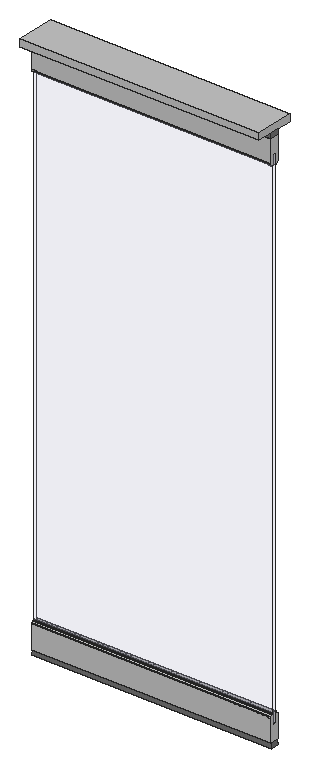
Revit family "Moderco_Vision_121_122_Full_Glass_Panel", category Doors, Revit 2026
Family settings
  Classification Number = 23.30.10.00
  Always vertical = Yes
  Cut with Voids When Loaded = No
  Shared = No
  Room Calculation Point = No
Parameters
  Thickness = 0' - 1 3/8"
  Specification = "https://www.arcat.com/company/moderco-inc-34266/spec"
  SpecWizard = ""
  Sales Information = "https://www.moderco.com/contact/"
  Product Data = "https://www.moderco.com/products/movable-glass-walls/vision-100/"
  Manufacturer Website = "https://www.moderco.com/"
  Manufacturer Phone - Toll Free = "800-363-3150"
  Manufacturer Phone = "450-641-3150"
  Manufacturer Fax = "450-641-4965"
  Manufacturer Email = "https://www.moderco.com/contact/"
  Manufacturer Address = "115 de Lauzon Boucherville, QC, Canada J4B 1E7"
  Installation-Fabrication = ""
  Green Building-LEED = ""
  Function = Interior
  Door Width [instance] = 3' - 0"
  Construction Details = "https://www.arcat.com/company/moderco-inc-34266/cad"
Reference planes (in)
  plane 1 "Center (Front/Back": y = 0
  plane 2: z = 0
  plane 3 "Center (Left/Right)": x = 3.24894
  plane 4 "Left": x = -14.75106
  plane 5 "Right": x = 21.24894
  plane 6 "Top": z = 84
  plane 7: z = 40
Forms (in)
  Sweep 1, solid, material "Aluminum"
    path origin (0, 0, 0) x (1, 0, 0) y (0, 1, 0)
      loop
        line (-14.75106, 0) -> (21.24894, 0)
    profile "Profile_Bottom : Profile_Bottom" origin (3.24894, 0, 0) x (0, 1, 0) y (0, 0, 1)
      loop
        line (0.68213, 0.73653) -> (0.68213, 4.15446)
        arc (0.68213, 4.15446) -> (0.66735, 4.21344) -> (0.62648, 4.25846) r 0.125
        line (0.62648, 4.25846) -> (0.37079, 4.42897)
        arc (0.37079, 4.42897) -> (0.31065, 4.48542) -> (0.27216, 4.55837) r 0.25
        arc (0.27216, 4.55837) -> (0.26034, 4.59675) -> (0.25013, 4.63558) r 0.96052
        line (0.25013, 4.63558) -> (0.25013, 3.07458) -> (-0.25013, 3.07464) -> (-0.25013, 4.63558)
        arc (-0.25013, 4.63558) -> (-0.26034, 4.59675) -> (-0.27216, 4.55837) r 0.96052
        arc (-0.27216, 4.55837) -> (-0.31065, 4.48542) -> (-0.37079, 4.42897) r 0.25
        line (-0.37079, 4.42897) -> (-0.62648, 4.25846)
        arc (-0.62648, 4.25846) -> (-0.66735, 4.21344) -> (-0.68213, 4.15446) r 0.125
        line (-0.68213, 4.15446) -> (-0.68213, 0.73653) -> (0.68213, 0.73653)
  Sweep 2, solid, material "Aluminum"
    path origin (0, 0, 0) x (1, 0, 0) y (0, 0, 1)
      loop
        line (-14.75106, 84) -> (21.24894, 84)
    profile "Profile_Top : Profile_Top" origin (3.24894, 0, 84) x (0, 0, 1) y (0, -1, 0)
      loop
        line (-1.73711, 0.68213) -> (-5.14175, 0.68213)
        arc (-5.14175, 0.68213) -> (-5.20073, 0.66735) -> (-5.24575, 0.62648) r 0.125
        line (-5.24575, 0.62648) -> (-5.41626, 0.37079)
        arc (-5.41626, 0.37079) -> (-5.47271, 0.31065) -> (-5.54566, 0.27216) r 0.25
        arc (-5.54566, 0.27216) -> (-5.58403, 0.26034) -> (-5.62287, 0.25013) r 0.96052
        line (-5.62287, 0.25013) -> (-4.06187, 0.25013) -> (-4.06187, -0.25013) -> (-5.62287, -0.25013)
        arc (-5.62287, -0.25013) -> (-5.58403, -0.26034) -> (-5.54566, -0.27216) r 0.96052
        arc (-5.54566, -0.27216) -> (-5.47271, -0.31065) -> (-5.41626, -0.37079) r 0.25
        line (-5.41626, -0.37079) -> (-5.24575, -0.62648)
        arc (-5.24575, -0.62648) -> (-5.20073, -0.66735) -> (-5.14175, -0.68213) r 0.125
        line (-5.14175, -0.68213) -> (-1.73728, -0.68213) -> (-1.73711, 0.68213)
  Extrusion 3, solid, material "Glass"
    sketch origin (-14.75106, 0, 0) x (0, -1, 0) y (0, 0, 1)
      loop
        line (-0.25013, 79.93813) -> (-0.25013, 3.07464) -> (0.25013, 3.07464) -> (0.25013, 79.9382) -> (-0.25013, 79.93813)
    from -36 to 0
  Sweep 4, solid, material "Black Rubber"
    path origin (0, 0, 0) x (1, 0, 0) y (0, 1, 0)
      loop
        line (-14.75106, 0) -> (21.24894, 0)
    profile "Profile_Bottom_Brush : Profile_Bottom_Brush" origin (3.24894, 0, 0) x (0, 1, 0) y (0, 0, 1)
      loop
        line (-0.5545, 0) -> (0.5545, 0) -> (0.53026, 0.73653) -> (-0.53026, 0.73653) -> (-0.5545, 0)
  Sweep 5, solid, material "Aluminum"
    path origin (0, 0, 0) x (1, 0, 0) y (0, 0, 1)
      loop
        line (-14.75106, 84) -> (21.24894, 84)
    profile "Profile_Top_Track : Profile_Top_Track" origin (3.24894, 0, 84) x (0, 0, 1) y (0, -1, 0)
      loop
        line (0, -2.8849) -> (0, 2.8849) -> (-0.98683, 2.8849) -> (-0.98755, -2.8849) -> (0, -2.8849)
  Sweep 6, solid, material "Black Rubber"
    path origin (0, 0, 0) x (1, 0, 0) y (0, 0, 1)
      loop
        line (-14.75106, 84) -> (21.24894, 84)
    profile "Profile_Top_Brush : Profile_Top_Brush" origin (3.24894, 0, 84) x (0, 0, 1) y (0, -1, 0)
      loop
        line (-0.98728, 0.68213) -> (-1.73711, 0.68213) -> (-1.73728, -0.68213) -> (-0.98711, -0.68213) -> (-0.98728, 0.68213)
Text (in)
  text "Exterior" at (-65.12119, 31.38743, 0), in view "Ref. Level"
Dimensions and locks (in)
  equal spacing: plane 4 "Left", plane 3 "Center (Left/Right)", plane 5 "Right"  (x2)
  plane 6 "Top" to level = 7' - 0"
  plane 4 "Left" to plane 5 "Right" = 3' - 0"
  aligned and locked: level to plane 2
  aligned and locked: Extrusion 3 to Sweep 2
  aligned and locked: plane 4 "Left" to Extrusion 3
  aligned and locked: Extrusion 3 to plane 5 "Right"
Automatic sketch dimensions
  plane 1 "Center (Front/Back" to Sweep 1 sketch curve = 0' - 0"
  Sweep 1 sketch curve to plane 4 "Left" = 0' - 0"
  Sweep 1 sketch curve to plane 5 "Right" = 0' - 0"
  plane 4 "Left" to Sweep 2 sketch curve = 0' - 0"
  plane 5 "Right" to Sweep 2 sketch curve = 0' - 0"
  Sweep 2 sketch curve to plane 6 "Top" = 0' - 0"
  Extrusion 3 sketch curve to plane 1 "Center (Front/Back" = 0' - 0.25013"
  plane 1 "Center (Front/Back" to Extrusion 3 sketch curve = 0' - 0.25013"
  level to Extrusion 3 sketch curve = 0' - 3.07464"
  plane 6 "Top" to Extrusion 3 sketch curve = 0' - 4.06187"
  Extrusion 3 sketch curve to Extrusion 3 sketch curve = 0' - 0.00006"
  plane 1 "Center (Front/Back" to Sweep 4 sketch curve = 0' - 0"
  Sweep 4 sketch curve to plane 4 "Left" = 0' - 0"
  Sweep 4 sketch curve to plane 5 "Right" = 0' - 0"
  plane 4 "Left" to Sweep 5 sketch curve = 0' - 0"
  plane 5 "Right" to Sweep 5 sketch curve = 0' - 0"
  Sweep 5 sketch curve to plane 6 "Top" = 0' - 0"
  plane 4 "Left" to Sweep 6 sketch curve = 0' - 0"
  plane 5 "Right" to Sweep 6 sketch curve = 0' - 0"
  Sweep 6 sketch curve to plane 6 "Top" = 0' - 0"
